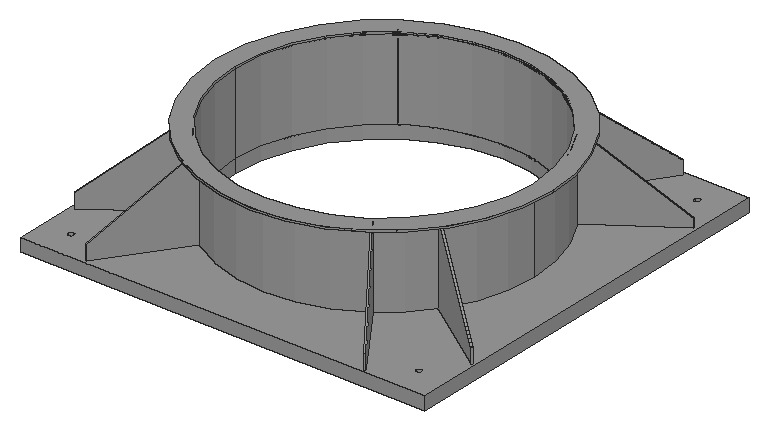
Revit family "ПК-ВО_Eng", category Duct Accessories, Revit 2021
Family settings
  Round Connector Dimension = Use Diameter
  Part Type = Attaches To
  Work Plane-Based = No
  Always vertical = Yes
  Cut with Voids When Loaded = No
  Shared = No
Parameters (values of type "PK-VO-900")
  Width = Length  # 1220 mm
  Weight = 54.50 kg
  Load Classification = "HVAC"
  Length = B  # 1220 mm
  Height = H  # 290 mm
  Diameter = Dy  # 900 mm
  Default Elevation = 0 mm
  Manufacturer = "Vents"  # constant formula
  h = 40 mm
  URL = "https://ventilation-system.com/series/pk-vo"
  Maintenance zone material = none
  H = 290 mm
  Dy = 900 mm
  D2 = 1015 mm
  Dn = Dy + 10 mm  # 910 mm
  Casing Material = Metal, painted, blue, matte RAL 5007
  B = 1220 mm
  A = 1050 mm
  K = (B - Dn) / 2 + (0.1 * Dn) + 30 mm  # 276 mm
  k = Dn / 2  # 455 mm
  09_System_Name [instance] = ""
  00_20_Type = "PK-VO-900"
  00_20_Name = "Roof adapter"  # constant formula
  00_20_Manufacturer = "Vents"  # constant formula
Types (12, lengths in mm): name | Width | Weight | Length | Height | Diameter | h | H | Dy | D2 | Dn | B | A | K | k | 00_20_Type
  (no name) | 1220 | 54.50 kg | 1220 | 290 | 900 | 40 | 290 | 900 | 1015 | 910 | 1220 | 1050 | 276 | 455 | "PK-VO-900"
  PK-VO-400 | 701 | 17.50 kg | 701 | 170 | 400 | 20 | 170 | 400 | 490 | 410 | 701 | 580 | 216.5 | 205 | "PK-VO-400"
  PK-VO-450 | 701 | 16.50 kg | 701 | 170 | 450 | 20 | 170 | 450 | 540 | 460 | 701 | 580 | 196.5 | 230 | "PK-VO-450"
  PK-VO-1250 | 1700 | 107.00 kg | 1700 | 340 | 1250 | 40 | 340 | 1250 | 1400 | 1260 | 1700 | 1500 | 376 | 630 | "PK-VO-1250"
  PK-VO-1120 | 1510 | 91.30 kg | 1510 | 340 | 1120 | 40 | 340 | 1120 | 1270 | 1130 | 1510 | 1340 | 333 | 565 | "PK-VO-1120"
  PK-VO-500 | 770 | 20.30 kg | 770 | 170 | 500 | 20 | 170 | 500 | 600 | 510 | 770 | 640 | 211 | 255 | "PK-VO-500"
  PK-VO-560 | 920 | 27.20 kg | 920 | 170 | 560 | 20 | 170 | 560 | 660 | 570 | 920 | 750 | 262 | 285 | "PK-VO-560"
  PK-VO-630 | 920 | 25.50 kg | 920 | 170 | 630 | 20 | 170 | 630 | 730 | 640 | 920 | 750 | 234 | 320 | "PK-VO-630"
  PK-VO-710 | 1150 | 53.00 kg | 1150 | 290 | 710 | 40 | 290 | 710 | 810 | 720 | 1150 | 980 | 317 | 360 | "PK-VO-710"
  PK-VO-800 | 1150 | 51.10 kg | 1150 | 290 | 800 | 40 | 290 | 800 | 900 | 810 | 1150 | 980 | 281 | 405 | "PK-VO-800"
  PK-VO-900 | 1220 | 54.50 kg | 1220 | 290 | 900 | 40 | 290 | 900 | 1015 | 910 | 1220 | 1050 | 276 | 455 | "PK-VO-900"
  PK-VO-1000 | 1510 | 93.40 kg | 1510 | 340 | 1000 | 40 | 340 | 1000 | 1115 | 1010 | 1510 | 1340 | 381 | 505 | "PK-VO-1000"
Reference planes
  plane 1 "По центру (Вперед/Назад)": y = 0
  plane 2: z = 0
  plane 3 "По центру (Влево/Вправо)": x = 0
  plane 4: y = 610
  plane 5: y = -610
  plane 6: x = 610
  plane 7: x = -610
  plane 8: z = 290
  plane 9: x = -525
  plane 10: x = 525
  plane 11: y = -525
  plane 12: y = 525
  plane 13: x = -455
  plane 14: x = 455
  plane 15 "55": through (0, 0, 1200) normal (-0.5736, 0.8192, 0)
  plane 16 "325": through (0, 0, 165) normal (0.8192, 0.5736, 0)
  plane 17 "35": through (0, 0, 1200) normal (-0.8192, 0.5736, 0)
  plane 18 "305": through (0, 0, 20) normal (-0.5736, -0.8192, 0)
Forms (mm)
  Extrusion 1, solid, material "Metal, painted, blue, matte RAL 5007" <- "Casing Material"
    sketch origin (0, 0, 0) x (1, 0, 0) y (0, 1, 0)
      loop
        line (-610, 610) -> (-610, -610) -> (610, -610) -> (610, 610) -> (-610, 610)
      loop
        circle (0, 0) r 450
      loop
        circle (-525, 525) r 8.5
      loop
        circle (525, 525) r 8.5
      loop
        circle (525, -525) r 8.5
      loop
        circle (-525, -525) r 8.5
    from 0 to 40
  Extrusion 2, solid, material "Metal, painted, blue, matte RAL 5007" <- "Casing Material"
    sketch origin (0, 0, 0) x (1, 0, 0) y (0, 1, 0)
      loop
        circle (0, 0) r 455
      loop
        circle (0, 0) r 450
    from 40 <- "h" to 285
  Extrusion 3, solid, material "Metal, painted, blue, matte RAL 5007" <- "Casing Material"
    sketch origin (0, 0, 0) x (1, 0, 0) y (0, 1, 0)
      loop
        circle (0, 0) r 507.5
      loop
        circle (0, 0) r 450
    from 285 to 290
  Extrusion 4, solid, material "Metal, painted, blue, matte RAL 5007" <- "Casing Material"
    sketch origin (-2.196, -1.537, -14.136) x (-0.819152, -0.573576, 0) y (0, 0, 1)
      loop
        line (464.84, 299.136) -> (452.319, 299.136) -> (452.319, 54.136) -> (728.319, 54.136) -> (728.319, 97.085) -> (464.84, 299.136)
    from -2.5 to 2.5
  Extrusion 5, solid, material "Metal, painted, blue, matte RAL 5007" <- "Casing Material"
    sketch origin (2.196, 1.537, -14.136) x (0.819152, 0.573576, 0) y (0, 0, -1)
      loop
        line (464.84, -299.136) -> (728.319, -77.085) -> (728.319, -54.136) -> (452.319, -54.136) -> (452.319, -299.136) -> (464.84, -299.136)
    from -2.5 to 2.5
  Extrusion 6, solid, material "Metal, painted, blue, matte RAL 5007" <- "Casing Material"
    sketch origin (0, 0, 0) x (-0.573576, -0.819152, 0) y (0, 0, 1)
      loop
        line (-467.52, 285) -> (-731, 82.949) -> (-731, 40) -> (-455, 40) -> (-455, 285) -> (-467.52, 285)
    from -2.5 to 2.5
  Extrusion 7, solid, material "Metal, painted, blue, matte RAL 5007" <- "Casing Material"
    sketch origin (0, 0, 0) x (0.573576, 0.819152, 0) y (0, 0, -1)
      loop
        line (-467.52, -285) -> (-455, -285) -> (-455, -40) -> (-731, -40) -> (-731, -82.949) -> (-467.52, -285)
    from -2.5 to 2.5
  Extrusion 8, solid, material "Metal, painted, blue, matte RAL 5007" <- "Casing Material"
    sketch origin (0, 0, 0) x (0, 0, 1) y (0.573576, -0.819152, 0)
      loop
        line (285, 467.52) -> (82.949, 731) -> (40, 731) -> (40, 455) -> (285, 455) -> (285, 467.52)
      loop
        line (285, -467.52) -> (285, -455) -> (40, -455) -> (40, -731) -> (82.949, -731) -> (285, -467.52)
    from -2.5 to 2.5
  Extrusion 9, solid, material "Metal, painted, blue, matte RAL 5007" <- "Casing Material"
    sketch origin (0, 0, 0) x (0, 0, -1) y (0.819152, -0.573576, 0)
      loop
        line (-285, 467.52) -> (-285, 455) -> (-40, 455) -> (-40, 731) -> (-82.949, 731) -> (-285, 467.52)
      loop
        line (-285, -467.52) -> (-82.949, -731) -> (-40, -731) -> (-40, -455) -> (-285, -455) -> (-285, -467.52)
    from -2.5 to 2.5
Dimensions and locks
  equal spacing: plane 7, plane 3 "По центру (Влево/Вправо)", plane 6
  equal spacing: plane 4, plane 1 "По центру (Вперед/Назад)", plane 5
  "B": plane 7 to plane 6
  "B": plane 4 to plane 5
  "h": level to Extrusion 1
  "H": level to plane 8
  locked: Extrusion 3 to plane 8 at 5
  equal spacing: plane 9, plane 3 "По центру (Влево/Вправо)", plane 10
  "A": plane 9 to plane 10
  equal spacing: plane 12, plane 1 "По центру (Вперед/Назад)", plane 11
  "A": plane 12 to plane 11
  equal spacing: plane 13, plane 3 "По центру (Влево/Вправо)", plane 14
  "Dn": plane 13 to plane 14
  "k": Extrusion 4 sketch curve to plane 16 "325"
  "k": plane 16 "325" to Extrusion 5 sketch curve
  "k": plane 18 "305" to Extrusion 6 sketch curve
  "K": Extrusion 6 sketch curve to Extrusion 6 sketch curve
  "K": Extrusion 5 sketch curve to Extrusion 5 sketch curve
  "K": Extrusion 4 sketch curve to Extrusion 4 sketch curve
  "K": Extrusion 7 sketch curve to Extrusion 7 sketch curve
  "k": Extrusion 7 sketch curve to plane 18 "305"
  "k": plane 15 "55" to Extrusion 8 sketch curve
  "K": Extrusion 8 sketch curve to Extrusion 8 sketch curve  (x2)
  "k": Extrusion 8 sketch curve to plane 15 "55"
  "K": Extrusion 9 sketch curve to Extrusion 9 sketch curve  (x2)
  "k": Extrusion 9 sketch curve to plane 17 "35"
  "k": plane 17 "35" to Extrusion 9 sketch curve
  "Dy": diameter of Extrusion 1 sketch curve
  "Dn": diameter of Extrusion 2 sketch curve
  "Dy": diameter of Extrusion 2 sketch curve
  "Dy": diameter of Extrusion 3 sketch curve
  "D2": diameter of Extrusion 3 sketch curve
  aligned and locked: level to plane 2
  aligned and locked: Extrusion 1 sketch curve to plane 4
  aligned and locked: plane 7 to Extrusion 1 sketch curve
  aligned and locked: plane 5 to Extrusion 1 sketch curve
  aligned and locked: Extrusion 1 sketch curve to plane 6
  aligned and locked: plane 8 to Extrusion 3
  aligned and locked: Extrusion 2 to Extrusion 3
  aligned and locked: Extrusion 4 sketch curve to Extrusion 1
  aligned and locked: Extrusion 4 sketch curve to Extrusion 3
  aligned and locked: Extrusion 1 to Extrusion 6 sketch curve
  aligned and locked: Extrusion 3 to Extrusion 6 sketch curve
  aligned and locked: Extrusion 1 to Extrusion 5 sketch curve
  aligned and locked: Extrusion 3 to Extrusion 5 sketch curve
  aligned and locked: Extrusion 7 sketch curve to Extrusion 1
  aligned and locked: Extrusion 7 sketch curve to Extrusion 3
  aligned and locked: Extrusion 3 to Extrusion 8 sketch curve
  aligned and locked: Extrusion 1 to Extrusion 8 sketch curve
  aligned and locked: Extrusion 8 sketch curve to Extrusion 1
  aligned and locked: Extrusion 8 sketch curve to Extrusion 3
  aligned and locked: Extrusion 9 sketch curve to Extrusion 3
  aligned and locked: Extrusion 9 sketch curve to Extrusion 1
  aligned and locked: Extrusion 3 to Extrusion 9 sketch curve
  aligned and locked: Extrusion 1 to Extrusion 9 sketch curve
Automatic sketch dimensions
  Extrusion 1 sketch curve to plane 9 = 0 mm  (x2)
  plane 1 "По центру (Вперед/Назад)" to Extrusion 1 sketch curve = 0 mm
  Extrusion 1 sketch curve to plane 3 "По центру (Влево/Вправо)" = 0 mm
  Extrusion 1 sketch curve to plane 10 = 0 mm  (x2)
  Extrusion 1 sketch curve to plane 11 = 0 mm  (x2)
  Extrusion 1 sketch curve to plane 12 = 0 mm  (x2)
  Extrusion 2 sketch curve to Extrusion 2 sketch curve = 0 mm  (x2)
  plane 1 "По центру (Вперед/Назад)" to Extrusion 2 sketch curve = 0 mm
  Extrusion 2 sketch curve to plane 3 "По центру (Влево/Вправо)" = 0 mm
  Extrusion 3 sketch curve to Extrusion 3 sketch curve = 0 mm  (x2)
  plane 1 "По центру (Вперед/Назад)" to Extrusion 3 sketch curve = 0 mm
  Extrusion 3 sketch curve to plane 3 "По центру (Влево/Вправо)" = 0 mm
  Extrusion 4 sketch curve to Extrusion 4 sketch curve = 12.52 mm
  Extrusion 4 sketch curve to Extrusion 4 sketch curve = 42.949 mm
  Extrusion 5 sketch curve to Extrusion 5 sketch curve = 12.52 mm
  Extrusion 5 sketch curve to Extrusion 5 sketch curve = 22.949 mm
  Extrusion 6 sketch curve to Extrusion 6 sketch curve = 12.52 mm
  Extrusion 6 sketch curve to Extrusion 6 sketch curve = 42.949 mm
  Extrusion 7 sketch curve to Extrusion 7 sketch curve = 12.52 mm
  Extrusion 7 sketch curve to Extrusion 7 sketch curve = 42.949 mm
  Extrusion 8 sketch curve to Extrusion 8 sketch curve = 42.949 mm  (x2)
  Extrusion 8 sketch curve to Extrusion 8 sketch curve = 12.52 mm  (x2)
  Extrusion 9 sketch curve to Extrusion 9 sketch curve = 42.949 mm  (x2)
  Extrusion 9 sketch curve to Extrusion 9 sketch curve = 12.52 mm  (x2)
  radius of Extrusion 1 sketch curve = 8.5 mm  (x4)
